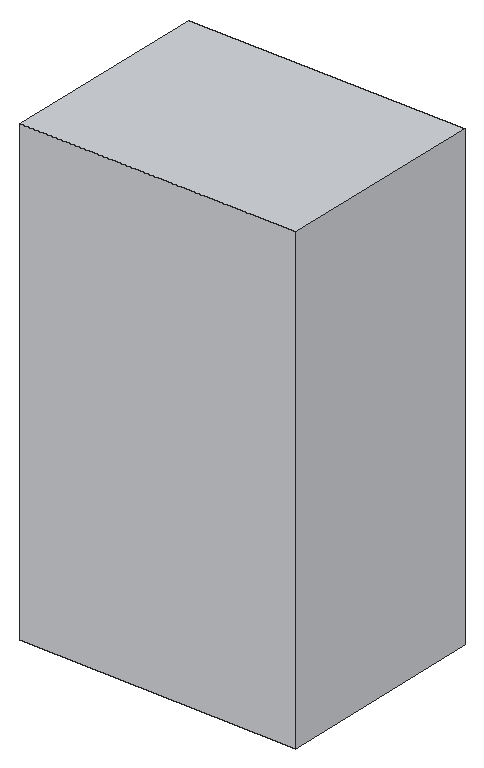
Revit family
Parameters
  Warranty Duration (Years) = 0
  Unit Width [instance] = 1' - 8 177/256"
  Unit Height [instance] = 0' - 9 99/256"
  Unit Depth = 0' - 0"
  URL = "http://www.americanspecialties.com/viewCategories.cfm"
  Trim Material = Metal - Stainless Steel w/satin
  Test Data = ""
  Specification = "http://www.arcat.com/sdspecs/htm/10810asi.htm"
  SpecWizard = ""
  Send Message = "http://www.arcat.com/users.pl?action=UserEmail&company=American%20Specialties,%20Inc.&coid=30448&rep=139&fax=914-476-0688&mf="
  Sales Information = "http://www.americanspecialties.com/contact"
  Revision = "R1_10-2010"
  Product Properties = "http://www.americanspecialties.com/datasheets/111.pdf"
  Product Data = "http://www.arcat.com/arcatcos/cos30/arc30448.html"
  Model = "As Specified in 10 28 13"
  Manufacturer Website = "http://www.americanspecialties.com/viewCategories.cfm"
  Manufacturer Phone - Toll Free = ""
  Manufacturer Phone = "914-476-9000 "
  Manufacturer Fax = "914-476-0688"
  Manufacturer Address = "441 Saw Mill River Rd., Yonkers, NY 10701"
  Manufacturer = "American Specialties, Inc."
  Maintenance Schedule (Months) = 0
  Keynote = "10 28 13"
  Installation-Fabrication = "http://www.americanspecialties.com/products.cfm"
  Green Building-LEED = ""
  Expected Lifespan (Years) = 0
  Drawn By = "Robert S. Weygant. CSI, CDT, SCIP"  # constant formula
  Description = "Toilet Accessory as Specified in 10 28 13"
  Default Elevation = 4' - 0"
  Copyright = "©Arcat Inc."
  Construction Details = "http://www.arcat.com/green/clients/leed_data_30448.html"
  Building Codes = "http://www.americanspecialties.com/products.cfm"
  Body Material = Metal - Stainless Steel w/satin
  Assembly Code = "C1030210"
Reference planes (in)
  plane 1 "Center (Front/Back)": y = -0.29112
  plane 2 "Floor Line": z = 0
  plane 3 "Center (Left/Right)": x = -0.65843
Forms (in)
  Extrusion 1, solid
    sketch origin (-3, -9, -6) x (0, 0, -1) y (1, 0, 0)
      loop
        line (-82, 26) -> (-82, -19.34712) -> (-6, -19.34712) -> (-6, 26) -> (-82, 26)
    from 9 to -25.60721
  Extrusion 2, solid, material "Metal - Stainless Steel w/satin" <- "Body Material"
    sketch origin (0, 0, 0) x (1, 0, 0) y (0, 1, 0)
      loop
        circle (-0.65843, -0.29112) r 1.5
      loop
        circle (-0.15843, 0.57491) r 0.125
      loop
        circle (-1.65843, -0.29112) r 0.125
      loop
        circle (-0.15843, -1.15714) r 0.125
    from 0 to 0.125
  Sweep 3, solid, material "Metal - Stainless Steel w/satin" <- "Body Material"
    path origin (-0.65843, 0, 0) x (0, 1, 0) y (0, 0, 1)
      loop
        line (-0.29112, 0.125) -> (-0.29112, 0.17969)
        arc (-0.29112, 0.17969) -> (0.60816, 2.35073) -> (2.7792, 3.25) r 3.07031
        line (2.7792, 3.25) -> (2.95888, 3.25)
    profile origin (-0.65843, -0.29112, 0.15234) x (0, -1, 0) y (1, 0, 0)
      loop
        circle (0, 0) r 0.625
Dimensions and locks (in)
  aligned and locked: Extrusion 1 to level
